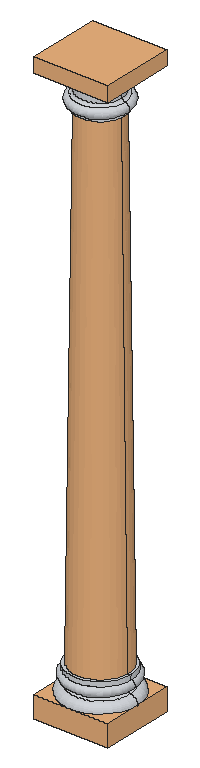
Revit family "Classical column", category Columns, Revit 2015
Parameters
  Finish 2 = none
  Finish 1 = Render, Tan, Textured
  Depth = 500 mm
  Width = 500 mm
Reference planes
  plane 1 "Center (Front/Back)": y = 0
  plane 2: z = 0
  plane 3 "Center (Left/Right)": x = 0
  plane 4 "Left": x = -250
  plane 5 "Right": x = 250
  plane 6 "Back": y = 250
  plane 7 "Front": y = -250
Forms (mm)
  Extrusion 1, solid, material "Render, Tan, Textured" <- "Finish 1"
    sketch origin (0, 0, 0) x (1, 0, 0) y (0, 1, 0)
      loop
        line (250, 250) -> (-250, 250) -> (-250, -250) -> (250, -250) -> (250, 250)
    from 0 to 150
  Revolve 2, solid, material <- "Finish 2"
    sketch origin (0, 0, 150) x (1, 0, 0) y (0, 0, 1)
      loop
        line (0, 0) -> (250.454, 0)
        arc (250.454, 0) -> (235.916, 34.981) -> (200.922, 49.488) r 49.582
        arc (200.922, 49.488) -> (185.659, 64.774) -> (200.937, 80.044) r 15.278
        arc (200.937, 80.044) -> (230.687, 107.031) -> (206.719, 139.262) r 29.891
        line (206.719, 139.262) -> (206.719, 170) -> (0, 170) -> (0, 0)
      axis (0, 170) -> (0, 0)
    angle from 0 to 360
  Extrusion 3, solid, material "Render, Tan, Textured" <- "Finish 1"
    sketch origin (0, 0, 3900) x (1, 0, 0) y (0, 1, 0)
      loop
        line (250, 250) -> (-250, 250) -> (-250, -250) -> (250, -250) -> (250, 250)
    from 0 to 100
  Revolve 4, solid, material <- "Finish 2"
    sketch origin (0, 0, 3900) x (1, 0, 0) y (0, 0, 1)
      loop
        line (0, 0) -> (0, -220) -> (165.229, -220) -> (165.229, -200)
        arc (165.229, -200) -> (195.231, -169.999) -> (165.229, -139.997) r 30.001
        arc (165.229, -139.997) -> (151.271, -134.215) -> (145.489, -120.257) r 19.74
        line (145.489, -120.257) -> (145.489, -69.711)
        arc (145.489, -69.711) -> (151.662, -55.373) -> (166.32, -50.001) r 19.74
        arc (166.32, -50.001) -> (193.707, -32.249) -> (188.683, 0) r 30.001
        line (188.683, 0) -> (0, 0)
      axis (0, -220) -> (0, 0)
    angle from 0 to 360
  SweptBlend 5, solid, material "Render, Tan, Textured" <- "Finish 1"
    path origin (0, -250, 0) x (1, 0, 0) y (0, 0, 1)
      loop
        line (0, 320) -> (0, 3680)
    profile origin (0, -250, 320) x (-1, 0, 0) y (0, -1, 0)
      loop
        circle (0, -250) r 186.719
    end profile origin (0, -250, 3680) x (-1, 0, 0) y (0, -1, 0)
      loop
        circle (0, -250) r 145.229
Dimensions and locks
  equal spacing: plane 4 "Left", plane 3 "Center (Left/Right)", plane 5 "Right"
  equal spacing: plane 7 "Front", plane 1 "Center (Front/Back)", plane 6 "Back"
  "Width": plane 4 "Left" to plane 5 "Right"
  "Depth": plane 7 "Front" to plane 6 "Back"
  locked: Extrusion 1 to level at 150
  locked: level to Extrusion 3 at 100
  level to Extrusion 3 = 4000 mm
  locked: Revolve 2 to level at 320
  locked: level to Revolve 4 at 320
  SweptBlend 5 sketch curve to level = 320 mm
  aligned and locked: level to plane 2
  aligned and locked: Extrusion 1 to level
  aligned and locked: level to Extrusion 3
  aligned and locked: Extrusion 3 to plane 5 "Right"
  aligned and locked: plane 4 "Left" to Extrusion 3
  aligned and locked: plane 7 "Front" to Extrusion 3
  aligned and locked: Extrusion 1 to plane 6 "Back"
  aligned and locked: plane 7 "Front" to Extrusion 1
  aligned and locked: plane 4 "Left" to Extrusion 1
  aligned and locked: Extrusion 1 to plane 5 "Right"
  aligned and locked: Revolve 4 to SweptBlend 5 sketch curve
  aligned and locked: Revolve 2 sketch curve to SweptBlend 5
  aligned and locked: Revolve 2 sketch curve to Extrusion 1
  aligned and locked: Revolve 4 sketch curve to Extrusion 3
Automatic sketch dimensions
  Extrusion 1 sketch curve to plane 4 "Left" = 0 mm
  Extrusion 1 sketch curve to plane 5 "Right" = 0 mm
  plane 7 "Front" to Extrusion 1 sketch curve = 0 mm
  plane 6 "Back" to Extrusion 1 sketch curve = 0 mm
  Extrusion 3 sketch curve to plane 4 "Left" = 0 mm
  Extrusion 3 sketch curve to plane 5 "Right" = 0 mm
  plane 7 "Front" to Extrusion 3 sketch curve = 0 mm
  plane 6 "Back" to Extrusion 3 sketch curve = 0 mm
  SweptBlend 5 sketch curve to SweptBlend 5 sketch curve = 0 mm  (x4)
  SweptBlend 5 sketch curve to profile plane = 0 mm  (x2)
  SweptBlend 5 sketch curve to plane 7 "Front" = 250 mm  (x2)
  profile plane to SweptBlend 5 sketch curve = 186.719 mm
  profile plane to SweptBlend 5 sketch curve = 145.229 mm
  Revolve 2 sketch curve to plane 3 "Center (Left/Right)" = 0 mm  (x2)
  plane 5 "Right" to Revolve 2 sketch curve = 49.128 mm
  plane 5 "Right" to Revolve 2 sketch curve = 49.063 mm
  Revolve 2 sketch curve to Revolve 2 sketch curve = 5.781 mm
  Revolve 2 sketch curve to plane 5 "Right" = 0.454 mm
  Revolve 2 sketch curve to Revolve 2 sketch curve = 0.094 mm
  Revolve 2 sketch curve to Revolve 2 sketch curve = 15.278 mm
  Revolve 2 sketch curve to Revolve 2 sketch curve = 45.169 mm
  Revolve 2 sketch curve to Revolve 2 sketch curve = 29.327 mm
  Revolve 2 sketch curve to Revolve 2 sketch curve = 30.738 mm
  Revolve 2 sketch curve to Revolve 2 sketch curve = 0 mm
  Revolve 2 sketch curve to level = 275.23 mm
  level to Revolve 2 sketch curve = 353.057 mm
  Revolve 4 sketch curve to plane 3 "Center (Left/Right)" = 0 mm  (x2)
  plane 5 "Right" to Revolve 4 sketch curve = 104.511 mm
  Revolve 4 sketch curve to Revolve 4 sketch curve = 19.74 mm  (x2)
  Revolve 4 sketch curve to Revolve 4 sketch curve = 1.091 mm
  Revolve 4 sketch curve to Revolve 4 sketch curve = 22.363 mm
  Revolve 4 sketch curve to Revolve 4 sketch curve = 20 mm  (x2)
  Revolve 4 sketch curve to Revolve 4 sketch curve = 30.001 mm  (x2)
  Revolve 4 sketch curve to level = 303.057 mm
  level to Revolve 4 sketch curve = 325.23 mm
  Revolve 4 sketch curve to Revolve 4 sketch curve = 150.289 mm
  SweptBlend 5 sketch curve to plane 3 "Center (Left/Right)" = 0 mm
